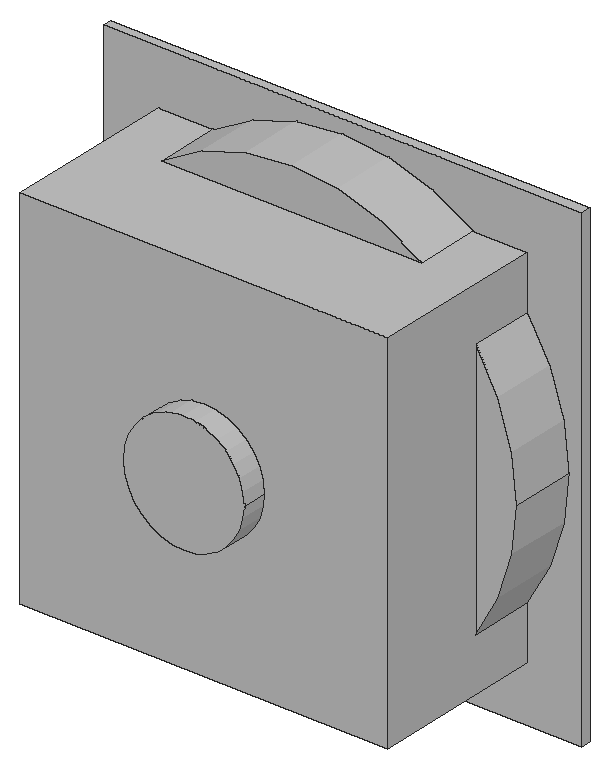
Revit family "ef_eg-40_60dra2_era2_fra2_60Hz", category 機械設備, Revit 2019
Family settings
  丸型コネクタ寸法 = 直径を使用
  パーツ タイプ = 標準
  OmniClass 番号 = 23.75.35.21.17
  OmniClass タイトル = Industrial Ventilating Equipment
  作業面ベース = いいえ
  常に垂直 = はい
  ロード時にボイドで切り取り = はい
  共有 = いいえ
  部屋計算ポイント = はい
Parameters (values of type "EF-40DRA2")
  騒音レベル(dB(A)) [instance] = 51
  風量 [instance] = 設計風量  # 0.0 m³/h
  電源種別 [instance] = ""
  電圧 = 200 V
  電動機出力 = 200 W
  電動機_種別 [instance] = ""
  運転質量 = 0.00 kg
  連動 [instance] = ""
  質量 = if(製品質量 > 運転質量, 製品質量, 運転質量) * 1.2  # 15.00 kg
  負荷分類 = 3_ファン類
  説明 = "産業用有圧換気扇 低騒音形 冷凍室タイプ"
  設計風量 [instance] = 0.0 m³/h
  設置方法 = "壁付"
  記号 [instance] = ""
  製造元 = "三菱電機株式会社"
  製品質量 = 12.50 kg
  製品出荷対象 = "国内"
  製品リリース年月 = "2022年6月1日"
  製品グループ = ""
  羽根径 = "∅400"
  レグ_Depth = 199 mm
  系統 [instance] = ""
  符号 [instance] = if(☑給気／□排気, "FS", "FE")  # "FE"
  積算_科目 = ""
  積算_拾い区分 [instance] = ""
  相 = 3
  盤記号 [instance] = ""
  盤工事区分 = ""
  発停方法 [instance] = ""
  特殊仕様 [instance] = ""
  火災停止 [instance] = ""
  消費電力 = 160 W
  法定耐用年数 = "15"
  極数 = 3
  極 = 4
  材質 [instance] = ""
  操作・制御方式 = ""
  操作・制御スイッチ = ""
  排気量 [instance] = if(☑給気／□排気, 0.0 m³/h, 設計風量)  # 0.0 m³/h
  形式 = ""
  幹線記号 [instance] = ""
  対象室 [instance] = ""
  実風量 [instance] = 0.0 m³/h
  始動方式 [instance] = "直入"
  外気量 [instance] = if(☑給気／□排気, 設計風量, 0.0 m³/h)  # 0.0 m³/h
  呼称 = "有圧扇"
  周波数 = 60 Hz
  参照している仕様書等のバージョン = ""
  分類コード = "50052503100110"
  分類グループ = ""
  価格 = 150000
  企業コード = "108420"
  付属品_防振装置 = ""
  付属品 [instance] = ""
  仕様書バージョン = "Version1.0"
  レグ_Width = 400 mm
  レグ_Height = 400 mm
  モーター径 = 131 mm
  モデル = "EF-40DRA2"
  フレームの厚さ = 10 mm
  ファンの種類 = "軸流羽根"
  コメント [instance] = ""
  Keynote = ""
  オリフィス_Depth = 80 mm
  ☑給気／□排気 [instance] = no
  Width = 520 mm
  Version = ""
  Uniclass2015Version = "Systems v1.9"
  Uniclass2015Title = "Propeller fans"
  Uniclass2015Code = "Pr_65_67_29_67"
  URL = "https://www.mitsubishielectric.co.jp/ldg/wink/ssl/displayProduct.do?pid=318474"
  SpecificationReference = ""
  SpecificationDescription = ""
  Revision = ""
  ProductInformation = ""
  OmniClassCode = "23-33 31 19 11 17"
  MIN風量 = 0.0 m³/h
  MID風量 = 0.0 m³/h
  MAX風量 = 3900.0 m³/h
  IfcTypeProduct = ""
  IfcProduct = ""
  IfcExportType = "TUBEAXIAL"
  IfcExportAs = "IfcFanType"
  Height = 520 mm
  オリフィス径 = 490 mm
  Depth = 226 mm
  Author = "三菱電機株式会社"
Types (3, lengths in mm): name | 騒音レベル(dB(A)) | 電動機出力 | 質量 | 製品質量 | 羽根径 | レグ_Depth | 消費電力 | 極 | 価格 | レグ_Width | レグ_Height | モーター径 | モデル | オリフィス_Depth | Width | URL | MAX風量 | Height | オリフィス径 | Depth
  EF-40DRA2 | 51 | 200 W | 15.00 kg | 12.50 kg | "∅400" | 199 | 160 W | 4 | 150000 | 400 | 400 | 131 | "EF-40DRA2" | 80 | 520 | "https://www.mitsubishielectric.co.jp/ldg/wink/ssl/displayProduct.do?pid=318474" | 3900.0 m³/h | 520 | 490 | 226
  EF-50ERA2 | 58 | 400 W | 21.60 kg | 18.00 kg | "∅500" | 231 | 400 W | 4 | 195000 | 502 | 502 | 131 | "EF-50ERA2" | 95 | 620 | "https://www.mitsubishielectric.co.jp/ldg/wink/ssl/displayProduct.do?pid=318489" | 6800.0 m³/h | 620 | 605 | 255.5
  EG-60FRA2 | 57 | 750 W | 32.76 kg | 27.30 kg | "∅600" | 282 | 560 W | 6 | 260000 | 597.6 | 597.6 | 163 | "EG-60FRA2" | 100 | 710 | "https://www.mitsubishielectric.co.jp/ldg/wink/ssl/displayProduct.do?pid=318595" | 10800.0 m³/h | 710 | 705 | 318
Reference planes
  plane 1 "中心(正面/背面)": y = 0
  plane 2: z = 0
  plane 3 "中心(左/右)": x = 0
  plane 4: z = 0
  plane 5: through (212.832, -1524, 243.759) normal (-0.6508, 0, -0.7593)
  plane 6: through (-212.884, -1524, -243.751) normal (0.6508, 0, 0.7593)
  plane 7: through (208.307, -1524, -247.63) normal (-0.6508, 0, 0.7593)
  plane 8: z = 260
  plane 9: z = -260
  plane 10 "左": x = -260
  plane 11 "右": x = 260
  plane 12 "正面": y = -226
  plane 13: y = -10
  plane 14: through (-208.307, -1524, -247.63) normal (-0.6508, 0, -0.7593)
  plane 15: y = 24
  plane 16: y = 124
  plane 17: x = -250
  plane 18: x = 250
  plane 19: y = -80
  plane 20: y = -199
  plane 21: x = -200
  plane 22: x = 200
  plane 23: z = 200
  plane 24: z = -200
Forms (mm)
  Extrusion 1, solid, detail levels fine
    sketch origin (0, 0, 0) x (1, 0, 0) y (0, 1, 0)
      loop
        line (-260, 0) -> (-260, -10) -> (260, -10) -> (260, 0) -> (-260, 0)
    from -260 to 260
  Extrusion 2, solid, detail levels fine
    sketch origin (140, -23.659, 0) x (-1, 0, 0) y (0, 0, -1)
      loop
        circle (140, 0) r 65.5
    from 175.341 to 202.341
  Extrusion 3, solid
    sketch origin (0, -153.783, 0) x (1, 0, 0) y (0, 0, 1)
      loop
        circle (0, 0) r 245
    from -143.783 to -73.783
  Extrusion 4, solid
    sketch origin (0, 0, 0) x (1, 0, 0) y (0, 0, 1)
      loop
        line (-200, 200) -> (-200, -200) -> (200, -200) -> (200, 200) -> (-200, 200)
    from 10 to 199
Cuts and joins
  joined: Extrusion 3, Extrusion 4
Lines and regions (mm)
  Masking region 1, detail levels coarse+medium
    outline origin (0, 0, 0) x (1, 0, 0) y (0, 1, 0)
      loop
        line (-250, -226) -> (250, -226) -> (250, 24) -> (-250, 24) -> (-250, -226)
  Masking region 2, detail levels coarse+medium
    outline origin (0, 0, 0) x (1, 0, 0) y (0, 1, 0)
      loop
        line (-224, 24) -> (224, 24) -> (224, 124) -> (-224, 124) -> (-224, 24)
  symbolic lines, detail levels coarse+medium
    curve 1: circle (224, -215, 0) r 115 normal (0, 0, 1)
    curve 2: circle (-224, -215, 0) r 115 normal (0, 0, -1)
Dimensions and locks
  level to plane 4 = 0 mm
  equal spacing: plane 8, level, plane 9
  "Depth": plane 12 "正面" to plane 1 "中心(正面/背面)"  (x2)
  "Width": plane 10 "左" to plane 11 "右"
  "Height": plane 8 to plane 9
  "フレームの厚さ": plane 13 to plane 1 "中心(正面/背面)"
  plane 12 "正面" to plane 15 to plane 16 = 250 mm locked, 100 mm locked
  locked: plane 17 to plane 18 at 500
  "オリフィス_Depth": plane 1 "中心(正面/背面)" to plane 19
  "レグ_Depth": plane 1 "中心(正面/背面)" to plane 20
  equal spacing: plane 10 "左", plane 3 "中心(左/右)", plane 11 "右"
  equal spacing: plane 22, plane 3 "中心(左/右)", plane 21
  "レグ_Width": plane 22 to plane 21
  equal spacing: plane 23, level, plane 24
  "レグ_Height": plane 23 to plane 24
  "オリフィス径": diameter of Extrusion 3 sketch curve
  "モーター径": diameter of Extrusion 2 sketch curve
  aligned and locked: level to plane 2
  aligned and locked: Extrusion 1 to plane 8
  aligned and locked: plane 10 "左" to Extrusion 1
  aligned and locked: Extrusion 1 to plane 11 "右"
  aligned and locked: plane 9 to Extrusion 1
  aligned and locked: Extrusion 1 to plane 13
  aligned and locked: Extrusion 1 to plane 1 "中心(正面/背面)"  (x5)
  aligned and locked: plane 12 "正面" to Extrusion 2
  aligned and locked: plane 1 "中心(正面/背面)" to Extrusion 1  (x2)
  aligned and locked: plane 4 to Extrusion 2 sketch curve
  aligned and locked: plane 12 "正面" to Masking region 1 sketch curve
  aligned and locked: plane 17 to Masking region 1 sketch curve
  aligned and locked: plane 15 to Masking region 1 sketch curve
  aligned and locked: plane 18 to Masking region 1 sketch curve
  aligned and locked: Masking region 2 sketch curve to plane 15
  aligned and locked: plane 16 to Masking region 2 sketch curve
  aligned and locked: Extrusion 3 to Extrusion 1
  aligned and locked: Extrusion 3 to plane 19
  aligned and locked: plane 20 to Extrusion 2
  aligned and locked: Extrusion 4 to Extrusion 2
  aligned and locked: Extrusion 4 to Extrusion 1
  aligned and locked: Extrusion 4 to plane 21
  aligned and locked: plane 23 to Extrusion 4
  aligned and locked: plane 22 to Extrusion 4
  aligned and locked: Extrusion 4 to plane 24
Automatic sketch dimensions
  Extrusion 1 sketch curve to plane 10 "左" = 0 mm
  Extrusion 1 sketch curve to plane 11 "右" = 0 mm
  Extrusion 1 sketch curve to plane 13 = 0 mm
  plane 1 "中心(正面/背面)" to Extrusion 1 sketch curve = 0 mm
  Extrusion 3 sketch curve to level = 0 mm
  Extrusion 3 sketch curve to plane 3 "中心(左/右)" = 0 mm
  curve 2 to plane 20 = 16 mm
  curve 1 to plane 20 = 16 mm
  curve 2 to plane 10 "左" = 36 mm
  Masking region 2 sketch curve to plane 10 "左" = 36 mm
  plane 11 "右" to curve 1 = 36 mm
  plane 11 "右" to Masking region 2 sketch curve = 36 mm
  Extrusion 2 sketch curve to plane 3 "中心(左/右)" = 0 mm
  Extrusion 4 sketch curve to plane 21 = 0 mm
  plane 22 to Extrusion 4 sketch curve = 0 mm
  Extrusion 4 sketch curve to plane 24 = 0 mm
  plane 23 to Extrusion 4 sketch curve = 0 mm
  radius of curve 1 = 115 mm
  radius of curve 2 = 115 mm
Connectors
  electrical at (260, -5, 0), driven by "電圧", driven by "負荷分類", driven by "消費電力", driven by "極数"
    settings: on Extrusion 1, index 2, voltage 200 V, apparent load 160 VA, apparent load phase1 0 VA, apparent load phase2 0 VA, apparent load phase3 0 VA, power factor 1, load classification "3_ファン類", number of poles 3, system type 30, power factor state 1, is connector primary yes, connector utility no, sub classification motor no, connector description ""
